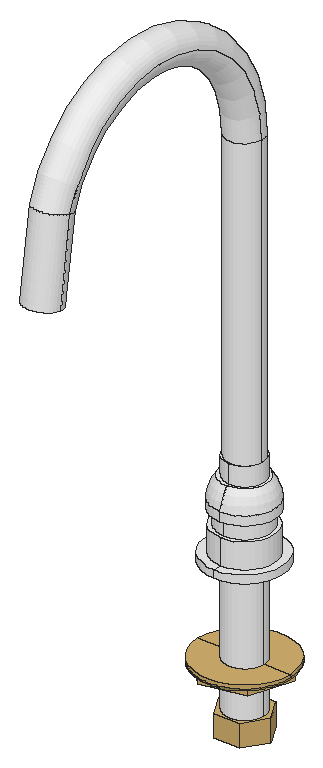
Revit family "Sanitary_Taps&Mixers_Zurn_Z821B0-XL", category Plumbing Fixtures, host Face, Revit 2022
Family settings
  Host = Face
  Round Connector Dimension = Use Radius
  Part Type = Normal
  OmniClass Number = 23.45.55.14
  OmniClass Title = Single Faucets
  Cut with Voids When Loaded = No
  Maintain Annotation Orientation = No
  Shared = No
  Room Calculation Point = No
Parameters (values of type "Z821B0-XL (Gooseneck Faucet)")
  Water Sense Compliance = 1 = 0  # no
  Waste Connection = 1 = 0  # no
  WFU = 0  # constant formula
  Vent Connection = 1 = 0  # no
  URL = "http://www.zurn.com/"
  Types of Outlet = "Laminar"
  Spout Height from Base = 10 3/4"  # constant formula
  Spout length = 5 3/8"  # constant formula
  Product data URL = ""
  Product Page URL = "https://www.zurn.com/products/finish-plumbing/aquaspec-manual-faucets/manual-faucets/z821b0-xl"
  Product Installation Sheet URL = "https://files.zurn.com/care-cleaning-install-warranty-sheets/cf1430.pdf#page=2"
  Product Documentation Link = "https://files.zurn.com/care-cleaning-install-warranty-sheets/cf1430.pdf"
  Modified Date = "01/13/2026"  # constant formula
  Model = "Z826B0-XL"  # constant formula
  Manufacturer Brand = "Zurn"  # constant formula
  Manufacturer = "Zurn Water, LLC"  # constant formula
  Main Material = Brass - Zurn - Polished Chrome-Finish
  Lead- Free Compliant = 1 = 1  # yes
  Inlet Connection Size (inch) = 1/2"  # constant formula
  HWFU = 0  # constant formula
  HW Connection = 1 = 0  # no
  Flow  Rate = 2 GPM
  Height from Spout Base to Areator = 7 1/4"  # constant formula
  Description = "AquaSpec® deck-mount 5-3/8 in  gooseneckspout"  # constant formula
  Default Elevation = 34"  # constant formula
  Date Created = "01/13/2026"  # constant formula
  CWFU = 1  # constant formula
  CW Connection = 1 = 1  # yes
  Assembly Code = "D2010.60"
  ADA Compliance = 1 = 1  # yes
Reference planes (in)
  plane 1 "Center (Front/Back)": y = 0
  plane 2: z = 0
  plane 3 "Center (Left/Right)": x = 0
Dimensions and locks (in)
  aligned and locked: plane 2 to host face
  aligned and locked: level to host face
  aligned and locked: plane 3 "Center (Left/Right)" to nested 1
  aligned and locked: plane 1 "Center (Front/Back)" to nested 1
  aligned and locked: host face to nested 1
Nested families (in)
  nested 1: "Z826B" at (0, 0, 0), type "Z826B"
Connectors (in)
  piping at (0, 0, -3.293), diameter 1, driven by "Inlet Connection Size (inch)", driven by "Flow  Rate", driven by "CW Connection"
    settings: on nested 1, index 1, connector inside diameter 609.6 mm, connector length 0", flow factor 0, pipe flow 2 GPM, pressure drop 0.0 Pa, fitting loss kfactor 0, connector angle 0.00°, fixture units 0, engagement length 0", angle of deflection 0.00°, flow configuration 0, flow direction 1, fitting loss method 0, system type 7, joint type 0, gender type 0, connector reference index -1, connector utility 1, adjustable connector no, is connector primary yes, connector description "Water Supply"
Definition of nested family "Z826B"
  Parameters (values of type "Z826B")
    Waste Connection = no
    Vent Connection = no
    Product Material = none
    HWFU = 0
    HW Connection = yes
    Diameter = 3/8"
    Default Elevation = 0"
    CWFU = 0
    CW Connection = yes
  Reference planes (in)
    plane 1 "Center (Front/Back)": y = 0
    plane 2: z = 0
    plane 3 "Center (Left/Right)": x = 0
    plane 4: y = -5.86492
    plane 5: z = 7.25
    plane 6: y = -5.375
    plane 7: z = 10.75
    plane 8: z = 0.69
  Forms (in)
    Extrusion 1, solid, detail levels fine
      sketch origin (0, 0, 0) x (1, 0, 0) y (0, 1, 0)
        loop
          line (0.29351, 0.89365) -> (-0.62559, 0.69829) -> (-0.91596, -0.19536) -> (-0.28722, -0.89365) -> (0.63189, -0.69829) -> (0.92225, 0.19536) -> (0.29351, 0.89365)
      from -2.07425 to -1.95398
    Revolve 2, solid, material <- "Product Material"
      sketch origin (0, 0, 0) x (1, 0, 0) y (0, 0, 1)
        loop
          line (0, 0) -> (0, -3.293) -> (0.4115, -3.293) -> (0.4115, 0) -> (0, 0)
        axis (0, 0) -> (0, -3.293)
      angle from 0 to 360
    Revolve 3, solid, detail levels fine
      sketch origin (0, 0, 0) x (1, 0, 0) y (0, 0, 1)
        loop
          line (0, -1.84296) -> (0, -1.95398) -> (0.94614, -1.95398)
          arc (0.94614, -1.95398) -> (0.97265, -1.94299) -> (0.98363, -1.91648) r 0.0375
          line (0.98363, -1.91648) -> (0.98363, -1.84296) -> (0, -1.84296)
        axis (0, -1.84296) -> (0, -1.95398)
      angle from 0 to 360
    Sweep 4, solid, material <- "Product Material"
      path origin (0, 0, 0) x (0, 1, 0) y (0, 0, 1)
        loop
          line (0, 0.15625) -> (0, 8.15625)
          arc (0, 8.15625) -> (-2.2107, 10.7518) -> (-5.12495, 8.98228) r 2.62905
          line (-5.12495, 8.98228) -> (-5.37503, 7.25)
      profile origin (0, 0, 4.15625) x (0, -1, 0) y (1, 0, 0)
        loop
          circle (-0.00025, -0.00026) r 0.37662
    Revolve 5, solid, material <- "Product Material", detail levels fine
      sketch origin (0, 0, 0) x (0, 1, 0) y (0, 0, 1)
        loop
          line (0, 0) -> (0.80484, 0) -> (0.80484, 0.16) -> (0.625, 0.16) -> (0.625, 0.69) -> (0, 0.69) -> (0, 0)
        axis (0, 0.69) -> (0, 0)
      angle from 0 to 360
    Revolve 6, solid, material <- "Product Material", detail levels fine
      sketch origin (0, 0, 0) x (0, 1, 0) y (0, 0, 1)
        loop
          line (0.54, 0.69) -> (0.54, 1.006) -> (0.405, 1.006) -> (0.405, 2.01) -> (0, 2.01) -> (0, 0.69) -> (0.54, 0.69)
        axis (0, 2.01) -> (0, 0.69)
      angle from 0 to 360
    Revolve 7, solid, material <- "Product Material", detail levels fine
      sketch origin (0, 0, 0) x (0, 1, 0) y (0, 0, 1)
        loop
          line (0, 1.006) -> (0.643, 1.006) -> (0.643, 1.19579)
          arc (0.643, 1.19579) -> (0.59079, 1.42248) -> (0.47811, 1.626) r 0.83575
          line (0.47811, 1.626) -> (0, 1.626) -> (0, 1.006)
        axis (0, 1.626) -> (0, 1.006)
      angle from 0 to 360
    Extrusion 8, solid, detail levels fine
      sketch origin (0, 0, 0) x (1, 0, 0) y (0, 1, 0)
        loop
          line (-0.27604, 0.47811) -> (-0.55207, 0) -> (-0.27604, -0.47811) -> (0.27604, -0.47811) -> (0.55207, 0) -> (0.27604, 0.47811) -> (-0.27604, 0.47811)
      from -3.293 to -2.82969
    Revolve 9, solid, detail levels coarse+medium
      sketch origin (0, 0, 0) x (1, 0, 0) y (0, 0, 1)
        loop
          line (0, 2.01) -> (0, 0) -> (0.80484, 0)
          arc (0.80484, 0) -> (0.71834, 1.02756) -> (0.405, 2.01) r 4.5976
          line (0.405, 2.01) -> (0, 2.01)
        axis (0, 2.01) -> (0, 0)
      angle from 0 to 360
    Extrusion 10, solid, detail levels coarse+medium
      sketch origin (0, 0, 0) x (1, 0, 0) y (0, 1, 0)
        loop
          circle (0, 0) r 0.55207
      from -3.293 to -2.82969
    Extrusion 11, solid, detail levels coarse+medium
      sketch origin (0, 0, 0) x (1, 0, 0) y (0, 1, 0)
        loop
          circle (0, 0) r 0.98363
      from -2.07425 to -1.84296
  Lines and regions (in)
    Masking region 1
      outline origin (0, 0, 0) x (1, 0, 0) y (0, 1, 0)
        loop
          arc (0.98363, 0) -> (0, 0.98363) -> (-0.98363, 0) r 0.98363
          arc (-0.98363, 0) -> (-0.813, -0.55368) -> (-0.36031, -0.91527) r 0.98363
          line (-0.36031, -0.91527) -> (-0.36031, -5.42712)
          arc (-0.36031, -5.42712) -> (-0.26449, -5.65843) -> (-0.03318, -5.75425) r 0.32712
          line (-0.03318, -5.75425) -> (0.05677, -5.75425)
          arc (0.05677, -5.75425) -> (0.29218, -5.65673) -> (0.38969, -5.42132) r 0.33293
          line (0.38969, -5.42132) -> (0.38969, -0.90315)
          arc (0.38969, -0.90315) -> (0.82184, -0.54047) -> (0.98363, 0) r 0.98363
  Dimensions and locks (in)
    Sweep 4 to level = 7.25004"
    locked: plane 5 to level at 7.25
    locked: plane 1 "Center (Front/Back)" to plane 6 at 5.375
    locked: plane 7 to level at 10.75
    locked: plane 8 to level at 0.69
    locked: Revolve 5 sketch curve to plane 1 "Center (Front/Back)" at 0.625
    Revolve 6 sketch curve to Revolve 6 sketch curve = 0.54"
    Revolve 6 sketch curve to Revolve 6 sketch curve = 0.405"
    locked: Revolve 5 to Revolve 6 sketch curve at 0.316
    locked: Revolve 6 sketch curve to level at 2.01
    Revolve 6 to Revolve 7 sketch curve = 0"
    locked: Revolve 7 sketch curve to plane 1 "Center (Front/Back)" at 0.643
    level to Revolve 2 sketch curve = 3.293"
    aligned and locked: level to plane 2
    aligned and locked: plane 5 to Sweep 4 sketch curve
    aligned and locked: plane 6 to Sweep 4 sketch curve
    aligned and locked: plane 1 "Center (Front/Back)" to Revolve 5 sketch curve  (x3)
    aligned and locked: Revolve 5 sketch curve to plane 8
    aligned and locked: plane 1 "Center (Front/Back)" to Revolve 6 sketch curve
    aligned and locked: Revolve 7 sketch curve to Revolve 6
    aligned and locked: plane 1 "Center (Front/Back)" to Revolve 7 sketch curve
    aligned and locked: Masking region 1 sketch curve to Revolve 3  (x3)
    aligned and locked: Revolve 9 sketch curve to plane 3 "Center (Left/Right)"
    aligned and locked: Extrusion 10 to Revolve 2
    aligned and locked: Extrusion 10 to Extrusion 8
    aligned and locked: Extrusion 11 to Extrusion 1
    aligned and locked: Extrusion 11 to Revolve 3
